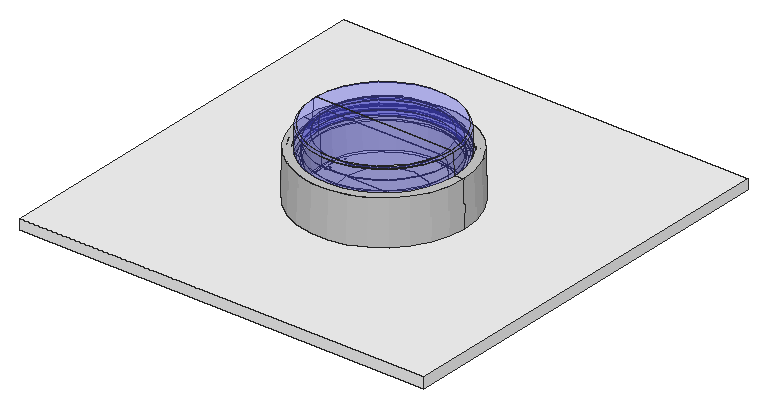
Revit family "BE_33534_de_DE", category Leuchten, Revit 2020
Family settings
  Basisbauteil = Fläche
  Bemaßung runder Anschluss = Durchmesser verwenden
  Teiletyp = Normal
  Beim Laden mit Abzugskörper schneiden = Ja
  Lichtquelle = Ja
  Gemeinsam genutzt = Nein
  Raumberechnungspunkt = Ja
Parameters (values of type "BEGA_33534_Silber_K4")
  built-in parameter 1150104 = 9.203 (stored number, unit not read)
  Wattage = 5.3 W
  Default Elevation = 0 mm
  built-in parameter 1150113 = 1 (stored number, unit not read)
  built-in parameter 1114218 = 1 (stored number, unit not read)
  Umgebungstemperatur = "25 °C"
  URL = "https://www.bega.com/de/produkt/33534"
  Typenkommentare = "© 2022 BEGA. Wir behalten uns das Recht vor, technische Änderungen ohne vorherige Ankündigung vorzunehmen."  # constant formula
  Type Image = 33534.png
  built-in parameter 1150134 = 12
  built-in parameter 1150109 = 1 (stored number, unit not read)
  Strom = ""
  built-in parameter 1150110 = 1 (stored number, unit not read)
  Spannung = 239.996 V
  Sonderanfertigung = no
  Sockeltyp = ""
  Seriennummer [instance] = "Hier können Sie die eindeutige Seriennummer für das Facility Management eintragen."
  Schutzklasse = "I"
  Schutzart = "IP 65"
  Scheinlast = 0 VA
  Produktdatenblatt = "https://cdn.bega.com/bega/products/33534AK3/current/documents/data-sheets/de"
  Oberflächentemperatur = ""
  Neigungswinkel = 0.00°
  Modell = "33534AK4"
  Material_11 = BEGA_Glas_opal
  Material_02 = BEGA_Oberfläche_Silber_matt
  Material_01 [instance] = BEGA_Oberfläche_Grafit_matt
  M_W = no
  M_G = no
  M_A = yes
  Logo = 0
  built-in parameter 1114217 = 1 (stored number, unit not read)
  built-in parameter 1150139 = (empty or 0)
  built-in parameter 1150105 = 41.78 (stored number, unit not read)
  built-in parameter 1150114 = 1 (stored number, unit not read)
  Lumens = 525.018 lm
  built-in parameter 1150115 = 1 (stored number, unit not read)
  Leuchtenlichtstrom = "349 lm"
  Leuchtenanzahl = ""
  Lebensdauerkriterien = "L70B50 @ 25 °C = 200000 h"
  Lastklassifizierung = Beleuchtung
  built-in parameter 1150112 = 1 (stored number, unit not read)
  Lampenlichtstrom = "600 lm"
  Lampe = "LED 2.8 W"
  LED_Modulbezeichnung = "LED-0337/840"
  built-in parameter 1150142 = (empty or 0)
  Hersteller = "BEGA"  # constant formula
  Halbstreuwinkel = ""
  Gewicht = "1.05 kg"
  Gebrauchslageneinschränkung [instance] = ""
  Frequenz = "0/50-60 Hz"
  Farbwiedergabeindex = "CRI > 80"
  Farbtemperaturverschiebung bei Dämpfen der Lampe = <Keine Auswahl>
  Farbtemperatur = "4000 K"
  Color Filter = 16777215
  built-in parameter 1150133 = 10 (stored number, unit not read)
  Energieeffizienzklasse = "LED A++ - A"
  built-in parameter 1150137 = (empty or 0)
  built-in parameter 1150132 = (empty or 0)
  ENEC = "ja"
  Dimmbar [instance] = "on/off"
  Datei für fotometrisches Netz = "BE_33534K4.IES"
  CE_Konformität = "ja"
  Bestellnummer = "33534AK4"
  Beschreibung_Sonderanfertigung = "Hier können Sie Informationen zur Sonderanfertigung eintragen."
  Beschreibung = "Decken- und Wandleuchte"
  built-in parameter 1150106 = 0.4178 (stored number, unit not read)
  Befestigungsbohrung = "Ø 4,5 mm"
  Befestigungsabstand = "110 mm"
  Ballwurfsicher = ""
  BEGA_Intern_aus = yes
  BEGA_Intern_an = yes
  BEGA_Intern_Konstruktion = yes
  BEGA_Intern = yes
  BEGA_IES = yes
  BEGA_Dummy = no
  Anschlussleistung [instance] = "3.9 W"
  built-in parameter 1150107 = 4000 (stored number, unit not read)
  built-in parameter 1150102 = (empty or 0)
  built-in parameter 1150138 = (empty or 0)
  Aktualisierung = "2022-05-18T04:00:07"
  AC/DC = "AC/DC"
Types (4, lengths in mm): name | built-in parameter 1150104 | built-in parameter 1150134 | Modell | M_G | M_A | built-in parameter 1150105 | Lumens | Leuchtenlichtstrom | Lampenlichtstrom | LED_Modulbezeichnung | Farbtemperatur | Datei für fotometrisches Netz | Bestellnummer | built-in parameter 1150106 | built-in parameter 1150107
  BEGA_33534_Silber_K4 | 9.203 (stored number, unit not read) | 12 | "33534AK4" | no | yes | 41.78 (stored number, unit not read) | 525.018 lm | "349 lm" | "600 lm" | "LED-0337/840" | "4000 K" | "BE_33534K4.IES" | "33534AK4" | 0.4178 (stored number, unit not read) | 4000 (stored number, unit not read)
  BEGA_33534_Silber_K3 | 9.0274 (stored number, unit not read) | (empty or 0) | "33534AK3" | no | yes | 40.982 (stored number, unit not read) | 515.001 lm | "338 lm" | "580 lm" | "LED-0337/830" | "3000 K" | "BE_33534K3.IES" | "33534AK3" | 0.40982 (stored number, unit not read) | 3000 (stored number, unit not read)
  BEGA_33534_Grafit_K4 | 9.203 (stored number, unit not read) | 12 | "33534K4" | yes | no | 41.78 (stored number, unit not read) | 525.018 lm | "349 lm" | "600 lm" | "LED-0337/840" | "4000 K" | "BE_33534K4.IES" | "33534K4" | 0.4178 (stored number, unit not read) | 4000 (stored number, unit not read)
  BEGA_33534_Grafit_K3 | 9.203 (stored number, unit not read) | 12 | "33534K3" | yes | no | 41.78 (stored number, unit not read) | 525.018 lm | "338 lm" | "580 lm" | "LED-0337/830" | "3000 K" | "BE_33534K3.IES" | "33534K3" | 0.4178 (stored number, unit not read) | 4000 (stored number, unit not read)
Reference planes
  plane 1 "Mitte (Vorne/Hinten)": y = 0
  plane 2: z = 0
  plane 3 "Mitte (Links/Rechts)": x = 0
  plane 4 "Links": x = -80
  plane 5 "Rechts": x = 80
  plane 6 "Unten": y = -80
  plane 7 "Oben": y = 80
  plane 8 "Vorne": z = 66.4
Forms (mm)
  Extrusion 1, solid, material "BEGA_Platte_Weiss"
    sketch origin (0, -1119.2, 0) x (1, 0, 0) y (0, 1, 0)
      loop
        line (-200, 1319.2) -> (-200, 919.2) -> (200, 919.2) -> (200, 1319.2) -> (-200, 1319.2)
    from 0 to -10
  Extrusion 2, solid, material "BEGA_Dummy_matt", visible <- "BEGA_Dummy"
    sketch origin (77.149, -76.023, 0) x (1, 0, 0) y (0, 1, 0)
      loop
        circle (-77.149, 76.023) r 80
    from 0 to 66.4
Dimensions and locks
  plane 1 "Mitte (Vorne/Hinten)" to Extrusion 1 = 200 mm
  aligned and locked: plane 2 to Extrusion 1
  aligned and locked: level to Extrusion 1
Nested families
  nested 1: "BE_33534" at (0, 0, 0), type "BE_33534"
Connectors
  electrical at (0, 0, 0), driven by "Lastklassifizierung", driven by "Spannung", driven by "Scheinlast"
    settings: index 1, voltage 239.996 V, apparent load 0 VA, apparent load phase1 0 VA, apparent load phase2 0 VA, apparent load phase3 0 VA, power factor 1, load classification "Beleuchtung", number of poles 1, system type 31, power factor state 1, is connector primary yes, connector utility no, sub classification motor no, connector description ""
Definition of nested family "BE_33534"
  Parameters (values of type "BE_33534")
    Default Elevation = 1 mm
    URL = "http://www.bega.de/de/produkt"
    Type Comments = "© 2015 BEGA. Wir behalten uns das Recht vor, technische Änderungen ohne vorherige Ankündigung vorzunehmen. "  # constant formula
    Type Image = (empty or 0)
    Material_17 = none
    Material_15 = none
    Material_11 = none
    Material_09 = none
    Material_06 = none
    Material_02 = none
    Material_01 = none
    M_W = yes
    M_G = yes
    M_A = yes
    Länge_Platte = 200 mm  # constant formula
    Höhe_Platte = -10 mm  # constant formula
    Manufacturer = "BEGA"  # constant formula
    Breite_Platte = 200 mm  # constant formula
  Reference planes
    plane 1 "Mitte (Oben/Unten)": y = 0
    plane 2: z = 0
    plane 3 "Mitte (Links/Rechts)": x = 0
    plane 4 "Vorne": z = 66.4
    plane 5 "Links": x = -80
    plane 6 "Rechts": x = 80
    plane 7 "Oben": y = 80
    plane 8 "Unten": y = -80
  Forms (mm)
    Extrusion 1, solid, detail levels medium
      sketch origin (0, 0, 0) x (1, 0, 0) y (0, 1, 0)
        loop
          line (-100, 100) -> (-100, -100) -> (100, -100) -> (100, 100) -> (-100, 100)
      from 0 to -10 <- "Höhe_Platte"
    Revolve 2, solid, material <- "Material_01", visible <- "M_G", detail levels medium+fine
      sketch origin (0, 0, 0) x (1, 0, 0) y (0, 0, 1)
        loop
          line (-70.8, 45) -> (-78.85, 45) -> (-79.987, 1.5) -> (-76.514, 1.5) -> (-76.028, 29.339) -> (-75.8, 43) -> (-72.483, 43) -> (-70.837, 43.951) -> (-70.8, 45)
        axis (0, 1.5) -> (0, 45)
      angle from 0 to 360
    Revolve 3, solid, material <- "Material_11", detail levels medium+fine
      sketch origin (0, 0, 0) x (1, 0, 0) y (0, 0, 1)
        loop
          line (-64, 37.4) -> (-64, 42.4) -> (-63.51, 51.749)
          arc (-63.51, 51.749) -> (-61.346, 56.47) -> (-56.524, 58.4) r 7
          line (-56.524, 58.4) -> (0, 58.4) -> (0, 66.4) -> (-67.362, 66.4) -> (-69.227, 64.535) -> (-69.966, 43.364)
          arc (-69.966, 43.364) -> (-70.271, 42.68) -> (-70.966, 42.4) r 1
          line (-70.966, 42.4) -> (-74.75, 42.4) -> (-74.75, 37.4) -> (-64, 37.4)
        axis (0, 66.4) -> (0, 37.4)
      angle from 0 to 360
    Revolve 4, solid, material <- "Material_01", visible <- "M_G", detail levels medium+fine
      sketch origin (0, 0, 0) x (1, 0, 0) y (0, 0, 1)
        loop
          line (-61.403, 4.7) -> (-43, 4.7) -> (0, 4.7) -> (0, 7.4) -> (-36.85, 7.4) -> (-61.526, 7.4)
          arc (-61.526, 7.4) -> (-62.224, 7.684) -> (-62.526, 8.374) r 1
          line (-62.526, 8.374) -> (-63.197, 34) -> (-65.5, 34) -> (-65.57, 36) -> (-67.622, 36) -> (-67.691, 32) -> (-70.26, 32) -> (-70.4, 36) -> (-75.284, 36)
          arc (-75.284, 36) -> (-75.4, 32.889) -> (-75.282, 29.778) r 41.36
          line (-75.282, 29.778) -> (-65.994, 29.778) -> (-65.214, 0) -> (-62.5, 0) -> (-62.402, 3.726)
          arc (-62.402, 3.726) -> (-62.101, 4.416) -> (-61.403, 4.7) r 1
        axis (0, 36) -> (0, 0)
      angle from 0 to 360
    Extrusion 5, void
      sketch origin (0, 0, 0) x (1, 0, 0) y (0, 1, 0)
        loop
          circle (55, 0) r 2.25
        loop
          circle (-55, 0) r 2.25
        loop
          circle (-12.094, -39.34) r 7.5
        loop
          circle (12.094, -39.34) r 7.5
      from 0 to 9.6
    Revolve 6, solid, material <- "Material_02", visible <- "M_A", detail levels medium+fine
      sketch origin (0, 0, 0) x (1, 0, 0) y (0, 0, 1)
        loop
          line (-70.8, 45) -> (-78.85, 45) -> (-79.987, 1.5) -> (-76.514, 1.5) -> (-76.028, 29.339) -> (-75.8, 43) -> (-72.483, 43) -> (-70.837, 43.951) -> (-70.8, 45)
        axis (0, 1.5) -> (0, 45)
      angle from 0 to 360
    Revolve 7, solid, material <- "Material_02", visible <- "M_A", detail levels medium+fine
      sketch origin (0, 0, 0) x (1, 0, 0) y (0, 0, 1)
        loop
          line (-61.403, 4.7) -> (-43, 4.7) -> (0, 4.7) -> (0, 7.4) -> (-36.85, 7.4) -> (-61.526, 7.4)
          arc (-61.526, 7.4) -> (-62.224, 7.684) -> (-62.526, 8.374) r 1
          line (-62.526, 8.374) -> (-63.197, 34) -> (-65.5, 34) -> (-65.57, 36) -> (-67.622, 36) -> (-67.691, 32) -> (-70.26, 32) -> (-70.4, 36) -> (-75.284, 36)
          arc (-75.284, 36) -> (-75.4, 32.889) -> (-75.282, 29.778) r 41.36
          line (-75.282, 29.778) -> (-65.994, 29.778) -> (-65.214, 0) -> (-62.5, 0) -> (-62.402, 3.726)
          arc (-62.402, 3.726) -> (-62.101, 4.416) -> (-61.403, 4.7) r 1
        axis (0, 36) -> (0, 0)
      angle from 0 to 360
    Extrusion 8, void
      sketch origin (0, 0, 0) x (1, 0, 0) y (0, 1, 0)
        loop
          circle (55, 0) r 2.25
        loop
          circle (-55, 0) r 2.25
        loop
          circle (-12.094, -39.34) r 7.5
        loop
          circle (12.094, -39.34) r 7.5
      from 0 to 9.6
  Cuts and joins
    Extrusion 5 cuts Revolve 3
    Extrusion 5 cuts Revolve 4
    Extrusion 8 cuts Revolve 7
  Dimensions and locks
    equal spacing: Extrusion 1 sketch curve, plane 3 "Mitte (Links/Rechts)", Extrusion 1 sketch curve
    equal spacing: Extrusion 1 sketch curve, plane 1 "Mitte (Oben/Unten)", Extrusion 1 sketch curve
    "Länge_Platte": Extrusion 1 sketch curve to Extrusion 1 sketch curve
    "Breite_Platte": Extrusion 1 sketch curve to Extrusion 1 sketch curve
    aligned and locked: plane 2 to Extrusion 1
    aligned and locked: level to Extrusion 1
  Automatic sketch dimensions
    Revolve 2 sketch curve to plane 3 "Mitte (Links/Rechts)" = 0 mm
    Revolve 2 sketch curve to plane 3 "Mitte (Links/Rechts)" = 70.8 mm
    Revolve 2 sketch curve to Revolve 2 sketch curve = 0.037 mm
    Revolve 2 sketch curve to Revolve 2 sketch curve = 1.647 mm
    Revolve 2 sketch curve to Revolve 2 sketch curve = 3.317 mm
    level to Revolve 2 sketch curve = 29.339 mm
    Revolve 2 sketch curve to Revolve 2 sketch curve = 0.228 mm
    level to Revolve 2 sketch curve = 1.5 mm
    Revolve 2 sketch curve to Revolve 2 sketch curve = 0.486 mm
    Revolve 2 sketch curve to Revolve 2 sketch curve = 3.05 mm
    Revolve 2 sketch curve to Revolve 2 sketch curve = 3.473 mm
    Revolve 2 sketch curve to Revolve 2 sketch curve = 13.661 mm
    Revolve 2 sketch curve to Revolve 2 sketch curve = 0.951 mm
    Revolve 2 sketch curve to Revolve 2 sketch curve = 1.049 mm
    Revolve 2 sketch curve to level = 3.5 mm
    level to Revolve 2 sketch curve = 49.13 mm
    Revolve 3 sketch curve to plane 3 "Mitte (Links/Rechts)" = 0 mm  (x2)
    Revolve 3 sketch curve to plane 3 "Mitte (Links/Rechts)" = 56.519 mm
    Revolve 3 sketch curve to Revolve 3 sketch curve = 0.005 mm
    level to Revolve 3 sketch curve = 51.749 mm
    Revolve 3 sketch curve to Revolve 3 sketch curve = 6.991 mm
    Revolve 3 sketch curve to Revolve 3 sketch curve = 0.49 mm
    Revolve 3 sketch curve to Revolve 3 sketch curve = 10.838 mm
    Revolve 3 sketch curve to Revolve 3 sketch curve = 1.865 mm
    Revolve 3 sketch curve to Revolve 3 sketch curve = 5.966 mm
    Revolve 3 sketch curve to Revolve 3 sketch curve = 0.999 mm
    Revolve 3 sketch curve to Revolve 3 sketch curve = 3.784 mm
    Revolve 3 sketch curve to Revolve 3 sketch curve = 0.349 mm
    Revolve 3 sketch curve to Revolve 3 sketch curve = 8.349 mm
    Revolve 3 sketch curve to Revolve 3 sketch curve = 0.036 mm
    Revolve 3 sketch curve to Revolve 3 sketch curve = 0.964 mm
    Revolve 3 sketch curve to Revolve 3 sketch curve = 5 mm
    Revolve 3 sketch curve to Revolve 3 sketch curve = 12.786 mm
    Revolve 3 sketch curve to Revolve 3 sketch curve = 8 mm
    Revolve 3 sketch curve to Revolve 3 sketch curve = 10.037 mm
    Revolve 3 sketch curve to Revolve 3 sketch curve = 0 mm
    Revolve 4 sketch curve to level = 0 mm
    Revolve 4 sketch curve to plane 3 "Mitte (Links/Rechts)" = 0 mm  (x2)
    Revolve 4 sketch curve to plane 3 "Mitte (Links/Rechts)" = 34.04 mm
    level to Revolve 4 sketch curve = 7.4 mm
    Revolve 4 sketch curve to Revolve 4 sketch curve = 2.81 mm
    Revolve 4 sketch curve to Revolve 4 sketch curve = 6.15 mm
    level to Revolve 4 sketch curve = 4.7 mm
    Revolve 4 sketch curve to Revolve 4 sketch curve = 18.403 mm
    Revolve 4 sketch curve to Revolve 4 sketch curve = 0.123 mm
    Revolve 4 sketch curve to Revolve 4 sketch curve = 1.097 mm
    Revolve 4 sketch curve to Revolve 4 sketch curve = 1.671 mm
    Revolve 4 sketch curve to Revolve 4 sketch curve = 2.714 mm
    Revolve 4 sketch curve to Revolve 4 sketch curve = 2.303 mm
    Revolve 4 sketch curve to Revolve 4 sketch curve = 0.07 mm
    level to Revolve 4 sketch curve = 29.778 mm
    Revolve 4 sketch curve to Revolve 4 sketch curve = 0.494 mm
    Revolve 4 sketch curve to Revolve 4 sketch curve = 2.052 mm
    Revolve 4 sketch curve to Revolve 4 sketch curve = 1.697 mm
    Revolve 4 sketch curve to Revolve 4 sketch curve = 2.569 mm
    Revolve 4 sketch curve to Revolve 4 sketch curve = 2.778 mm
    Revolve 4 sketch curve to Revolve 4 sketch curve = 5.021 mm
    Revolve 4 sketch curve to Revolve 4 sketch curve = 4.884 mm
    Revolve 4 sketch curve to Revolve 4 sketch curve = 1 mm  (x4)
    Revolve 4 sketch curve to Revolve 4 sketch curve = 0 mm  (x4)
    Revolve 4 sketch curve to Revolve 4 sketch curve = 2.222 mm
    Revolve 4 sketch curve to Revolve 4 sketch curve = 25.507 mm
    Revolve 4 sketch curve to Revolve 4 sketch curve = 2 mm
    level to Revolve 4 sketch curve = 3.726 mm
    level to Revolve 4 sketch curve = 8.374 mm
    Revolve 4 sketch curve to level = 6.779 mm
    Revolve 4 sketch curve to Revolve 4 sketch curve = 22.376 mm
    plane 1 "Mitte (Oben/Unten)" to Extrusion 5 sketch curve = 0 mm  (x2)
    Extrusion 5 sketch curve to plane 3 "Mitte (Links/Rechts)" = 55 mm
    Extrusion 5 sketch curve to plane 3 "Mitte (Links/Rechts)" = 12.094 mm
    plane 3 "Mitte (Links/Rechts)" to Extrusion 5 sketch curve = 12.094 mm
    plane 3 "Mitte (Links/Rechts)" to Extrusion 5 sketch curve = 55 mm
    plane 1 "Mitte (Oben/Unten)" to Extrusion 5 sketch curve = 39.34 mm
    Extrusion 5 sketch curve to Extrusion 5 sketch curve = 0 mm
    Revolve 6 sketch curve to plane 3 "Mitte (Links/Rechts)" = 0 mm
    Revolve 6 sketch curve to plane 3 "Mitte (Links/Rechts)" = 70.8 mm
    Revolve 6 sketch curve to Revolve 6 sketch curve = 0.037 mm
    Revolve 6 sketch curve to Revolve 6 sketch curve = 1.647 mm
    Revolve 6 sketch curve to Revolve 6 sketch curve = 3.317 mm
    level to Revolve 6 sketch curve = 29.339 mm
    Revolve 6 sketch curve to Revolve 6 sketch curve = 0.228 mm
    level to Revolve 6 sketch curve = 1.5 mm
    Revolve 6 sketch curve to Revolve 6 sketch curve = 0.486 mm
    Revolve 6 sketch curve to Revolve 6 sketch curve = 3.05 mm
    Revolve 6 sketch curve to Revolve 6 sketch curve = 3.473 mm
    Revolve 6 sketch curve to Revolve 6 sketch curve = 13.661 mm
    Revolve 6 sketch curve to Revolve 6 sketch curve = 0.951 mm
    Revolve 6 sketch curve to Revolve 6 sketch curve = 1.049 mm
    Revolve 6 sketch curve to level = 3.5 mm
    level to Revolve 6 sketch curve = 49.13 mm
    Revolve 7 sketch curve to level = 0 mm
    Revolve 7 sketch curve to plane 3 "Mitte (Links/Rechts)" = 0 mm  (x2)
    Revolve 7 sketch curve to plane 3 "Mitte (Links/Rechts)" = 34.04 mm
    level to Revolve 7 sketch curve = 7.4 mm
    Revolve 7 sketch curve to Revolve 7 sketch curve = 2.81 mm
    Revolve 7 sketch curve to Revolve 7 sketch curve = 6.15 mm
    level to Revolve 7 sketch curve = 4.7 mm
    Revolve 7 sketch curve to Revolve 7 sketch curve = 18.403 mm
    Revolve 7 sketch curve to Revolve 7 sketch curve = 0.123 mm
    Revolve 7 sketch curve to Revolve 7 sketch curve = 1.097 mm
    Revolve 7 sketch curve to Revolve 7 sketch curve = 1.671 mm
    Revolve 7 sketch curve to Revolve 7 sketch curve = 2.714 mm
    Revolve 7 sketch curve to Revolve 7 sketch curve = 2.303 mm
    Revolve 7 sketch curve to Revolve 7 sketch curve = 0.07 mm
    level to Revolve 7 sketch curve = 29.778 mm
    Revolve 7 sketch curve to Revolve 7 sketch curve = 0.494 mm
    Revolve 7 sketch curve to Revolve 7 sketch curve = 2.052 mm
    Revolve 7 sketch curve to Revolve 7 sketch curve = 1.697 mm
    Revolve 7 sketch curve to Revolve 7 sketch curve = 2.569 mm
    Revolve 7 sketch curve to Revolve 7 sketch curve = 2.778 mm
    Revolve 7 sketch curve to Revolve 7 sketch curve = 5.021 mm
    Revolve 7 sketch curve to Revolve 7 sketch curve = 4.884 mm
    Revolve 7 sketch curve to Revolve 7 sketch curve = 1 mm  (x4)
    Revolve 7 sketch curve to Revolve 7 sketch curve = 0 mm  (x4)
    Revolve 7 sketch curve to Revolve 7 sketch curve = 2.222 mm
    Revolve 7 sketch curve to Revolve 7 sketch curve = 25.507 mm
    Revolve 7 sketch curve to Revolve 7 sketch curve = 2 mm
    level to Revolve 7 sketch curve = 3.726 mm
    level to Revolve 7 sketch curve = 8.374 mm
    Revolve 7 sketch curve to level = 6.779 mm
    Revolve 7 sketch curve to Revolve 7 sketch curve = 22.376 mm
    plane 1 "Mitte (Oben/Unten)" to Extrusion 8 sketch curve = 0 mm  (x2)
    Extrusion 8 sketch curve to plane 3 "Mitte (Links/Rechts)" = 55 mm
    Extrusion 8 sketch curve to plane 3 "Mitte (Links/Rechts)" = 12.094 mm
    plane 3 "Mitte (Links/Rechts)" to Extrusion 8 sketch curve = 12.094 mm
    plane 3 "Mitte (Links/Rechts)" to Extrusion 8 sketch curve = 55 mm
    plane 1 "Mitte (Oben/Unten)" to Extrusion 8 sketch curve = 39.34 mm
    Extrusion 8 sketch curve to Extrusion 8 sketch curve = 0 mm
    radius of Extrusion 5 sketch curve = 2.25 mm  (x2)
    radius of Extrusion 5 sketch curve = 7.5 mm  (x2)
    radius of Extrusion 8 sketch curve = 2.25 mm  (x2)
    radius of Extrusion 8 sketch curve = 7.5 mm  (x2)
